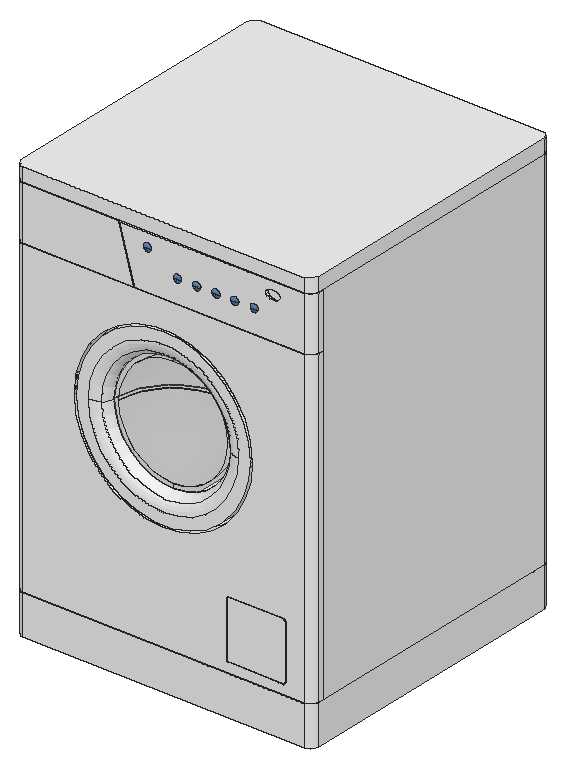
Revit family
Parameters (values of type "W*600*D600*H850")
  Manufacturer = ""
  Model = ""
  세탁 재료 = 흰색, 광택
  유리 재료 = 흰색 유리
  버튼 재료 = 플라스틱 - 심청색
Reference planes
  plane 1 "중심(앞/뒤)": y = 0
  plane 2: z = 0
  plane 3 "중심(왼쪽/오른쪽)": x = 0
  plane 4: x = -300
  plane 5: x = 300
  plane 6: y = 300
  plane 7: y = -300
  plane 8: z = 850
  plane 9: z = 820
  plane 10: z = 710
  plane 11: z = 80
  plane 12: y = 270
  plane 13: y = -295
  plane 14: y = -275
  plane 15: y = -235
  plane 16: z = 822
  plane 17: z = 712
  plane 18: z = 82
  plane 19: x = 270
  plane 20: x = -270.114
Forms (mm)
  Extrusion 1, solid, material "흰색, 광택" <- "세탁 재료"
    sketch origin (0, 0, 0) x (1, 0, 0) y (0, 1, 0)
      loop
        line (-300, 300) -> (-300, -300) -> (300, -300) -> (300, 300) -> (-300, 300)
    from 822 to 850
  Extrusion 2, solid, material "흰색, 광택" <- "세탁 재료"
    sketch origin (0, 0, 1644) x (0, -1, 0) y (1, 0, 0)
      loop
        line (275, -300) -> (300, -300) -> (300, 300) -> (275, 300) -> (275, -300)
    from -932 to -824
  Extrusion 3, solid, material "흰색, 광택" <- "세탁 재료"
    sketch origin (0, 0, 0) x (1, 0, 0) y (0, 0, 1)
      loop
        line (-300, 710) -> (-300, 82) -> (300, 82) -> (300, 710) -> (-300, 710)
      loop
        circle (0, 476.845) r 180
      loop
        arc (132.319, 219.523) -> (128.783, 218.058) -> (127.319, 214.523) r 5
        line (127.319, 214.523) -> (127.319, 104.523)
        arc (127.319, 104.523) -> (128.783, 100.987) -> (132.319, 99.523) r 5
        line (132.319, 99.523) -> (242.319, 99.523)
        arc (242.319, 99.523) -> (245.855, 100.987) -> (247.319, 104.523) r 5
        line (247.319, 104.523) -> (247.319, 214.523)
        arc (247.319, 214.523) -> (245.855, 218.058) -> (242.319, 219.523) r 5
        line (242.319, 219.523) -> (132.319, 219.523)
    from 275 to 300
  Extrusion 4, solid, material "흰색, 광택" <- "세탁 재료"
    sketch origin (0, 0, 0) x (1, 0, 0) y (0, 0, 1)
      loop
        line (-300, 0) -> (300, 0) -> (300, 80) -> (-300, 80) -> (-300, 0)
    from -300 to 300
  Extrusion 5, solid, material "흰색, 광택" <- "세탁 재료"
    sketch origin (0, 0, 0) x (0, 1, 0) y (0, 0, 1)
      loop
        line (-275, 822) -> (-275, 80) -> (300, 80) -> (300, 822) -> (-275, 822)
    from 270 to 300
  Extrusion 6, solid, material "흰색, 광택" <- "세탁 재료"
    sketch origin (0, 0, 0) x (0, 1, 0) y (0, 0, -1)
      loop
        line (-275, -822) -> (300, -822) -> (300, -80) -> (-275, -80) -> (-275, -822)
    from 270 to 300
  Extrusion 7, solid, material "흰색, 광택" <- "세탁 재료"
    sketch origin (0, 0, 0) x (1, 0, 0) y (0, 1, 0)
      loop
        line (-270, 300) -> (-270, 270) -> (270, 270) -> (270, 300) -> (-270, 300)
    from 80 to 822
  Extrusion 8, solid, material "흰색, 광택" <- "세탁 재료"
    sketch origin (0, 0, 0) x (1, 0, 0) y (0, 0, 1)
      loop
        circle (0, 476.845) r 120
      loop
        circle (0, 476.845) r 175.013
    from 275 to 300
  Sweep 9, void
    path origin (120, -300, 476.845) x (0, 0, -1) y (1, 0, 0)
      loop
        circle (0, -120) r 120
    profile origin (0, 0, 0) x (0, 0, 1) y (0, -1, 0)
      loop
        line (628.438, 300) -> (596.845, 300) -> (596.845, 275)
        arc (596.845, 275) -> (600.479, 285.39) -> (607.607, 293.777) r 30.082
        arc (607.607, 293.777) -> (617.606, 298.283) -> (628.438, 300) r 41.317
  Extrusion 10, solid, material "흰색, 광택" <- "세탁 재료"
    sketch origin (0, 0, 0) x (1, 0, 0) y (0, 0, 1)
      loop
        arc (245.319, 214.523) -> (244.44, 216.644) -> (242.319, 217.523) r 3
        line (242.319, 217.523) -> (132.319, 217.523)
        arc (132.319, 217.523) -> (130.198, 216.644) -> (129.319, 214.523) r 3
        line (129.319, 214.523) -> (129.319, 104.523)
        arc (129.319, 104.523) -> (130.198, 102.401) -> (132.319, 101.523) r 3
        line (132.319, 101.523) -> (242.319, 101.523)
        arc (242.319, 101.523) -> (244.44, 102.401) -> (245.319, 104.523) r 3
        line (245.319, 104.523) -> (245.319, 214.523)
    from 295 to 300
  Extrusion 11, void
    sketch origin (0, 0, 0) x (1, 0, 0) y (0, 1, 0)
      loop
        line (300, -300) -> (300, -285)
        arc (300, -285) -> (294.17, -294.17) -> (285, -300) r 24.995
        line (285, -300) -> (300, -300)
      loop
        line (300, 300) -> (285, 300)
        arc (285, 300) -> (294.17, 294.17) -> (300, 285) r 24.995
        line (300, 285) -> (300, 300)
      loop
        line (-300, 300) -> (-300, 285)
        arc (-300, 285) -> (-294.17, 294.17) -> (-285, 300) r 24.995
        line (-285, 300) -> (-300, 300)
      loop
        line (-300, -300) -> (-285, -300)
        arc (-285, -300) -> (-294.17, -294.17) -> (-300, -285) r 24.995
        line (-300, -285) -> (-300, -300)
    from 0 to 850
  Sweep 12, void
    path origin (0, 0, -0.828) x (1, 0, 0) y (0, 0, 1)
      loop
        line (-93.616, 820) -> (-62.648, 712)
    profile origin (-208.676, 0, 727.739) x (0.961262, 0, 0.275637) y (0, -1, 0)
      loop
        line (138.805, 275) -> (140.805, 275) -> (140.805, 300) -> (138.805, 300) -> (138.805, 275)
  Revolve 13, solid, material "흰색 유리" <- "유리 재료"
    sketch origin (120, -275, 476.845) x (0, 0, 1) y (-1, 0, 0)
      loop
        arc (0, 10) -> (-77.782, 42.218) -> (-110, 120) r 110
        line (-110, 120) -> (-120, 120)
        arc (-120, 120) -> (-84.853, 35.147) -> (0, 0) r 120
        arc (0, 0) -> (84.853, 35.147) -> (120, 120) r 120
        line (120, 120) -> (110, 120)
        arc (110, 120) -> (77.782, 42.218) -> (0, 10) r 110
      axis (120, 120) -> (-120, 120)
    angle from 0 to 180
  Extrusion 14, void
    sketch origin (-300, -300, 820) x (0, 0, 1) y (1, 0, 0)
      loop
        arc (-22.549, 506.152) -> (-14.075, 521.602) -> (-22.969, 536.814) r 17.878
        arc (-22.969, 536.814) -> (-24.714, 537.133) -> (-26.415, 536.634) r 3.835
        arc (-26.415, 536.634) -> (-35.007, 521.425) -> (-26.532, 506.152) r 17.878
        arc (-26.532, 506.152) -> (-24.54, 505.619) -> (-22.549, 506.152) r 3.99
    from 0 to 5
  Revolve 15, solid, material "플라스틱 - 심청색" <- "버튼 재료"
    sketch origin (-84.243, 0, 792.921) x (0, -1, 0) y (1, 0, 0)
      loop
        line (300, 58.956) -> (300, 51.299) -> (303.57, 51.299)
        arc (303.57, 51.299) -> (302.59, 55.503) -> (300, 58.956) r 10.491
      axis (303.57, 51.299) -> (300, 51.299)
    angle from 0 to 360
  Revolve 16, solid, material "플라스틱 - 심청색" <- "버튼 재료"
    sketch origin (-23.821, 0, 757.683) x (0, -1, 0) y (1, 0, 0)
      loop
        line (300, 58.956) -> (300, 51.299) -> (303.57, 51.299)
        arc (303.57, 51.299) -> (302.59, 55.503) -> (300, 58.956) r 10.491
      axis (303.57, 51.299) -> (300, 51.299)
    angle from 0 to 360
  Revolve 17, solid, material "플라스틱 - 심청색" <- "버튼 재료"
    sketch origin (14.989, 0, 757.683) x (0, -1, 0) y (1, 0, 0)
      loop
        line (300, 58.956) -> (300, 51.299) -> (303.57, 51.299)
        arc (303.57, 51.299) -> (302.59, 55.503) -> (300, 58.956) r 10.491
      axis (303.57, 51.299) -> (300, 51.299)
    angle from 0 to 360
  Revolve 18, solid, material "플라스틱 - 심청색" <- "버튼 재료"
    sketch origin (53.799, 0, 758.121) x (0, -1, 0) y (1, 0, 0)
      loop
        line (300, 58.956) -> (300, 51.299) -> (303.57, 51.299)
        arc (303.57, 51.299) -> (302.59, 55.503) -> (300, 58.956) r 10.491
      axis (303.57, 51.299) -> (300, 51.299)
    angle from 0 to 360
  Revolve 19, solid, material "플라스틱 - 심청색" <- "버튼 재료"
    sketch origin (91.676, 0, 757.912) x (0, -1, 0) y (1, 0, 0)
      loop
        line (300, 58.956) -> (300, 51.299) -> (303.57, 51.299)
        arc (303.57, 51.299) -> (302.59, 55.503) -> (300, 58.956) r 10.491
      axis (303.57, 51.299) -> (300, 51.299)
    angle from 0 to 360
  Revolve 20, solid, material "플라스틱 - 심청색" <- "버튼 재료"
    sketch origin (131.053, 0, 758.787) x (0, -1, 0) y (1, 0, 0)
      loop
        line (300, 58.956) -> (300, 51.299) -> (303.57, 51.299)
        arc (303.57, 51.299) -> (302.59, 55.503) -> (300, 58.956) r 10.491
      axis (303.57, 51.299) -> (300, 51.299)
    angle from 0 to 360
Cuts and joins
  Sweep 9, Extrusion 11, Sweep 12, Extrusion 14 cuts Extrusion 1
  Sweep 9, Extrusion 11, Sweep 12, Extrusion 14 cuts Extrusion 2
  Sweep 9, Extrusion 11, Sweep 12, Extrusion 14 cuts Extrusion 3
  Sweep 9, Extrusion 11, Sweep 12, Extrusion 14 cuts Extrusion 4
  Sweep 9, Extrusion 11, Sweep 12, Extrusion 14 cuts Extrusion 5
  Sweep 9, Extrusion 11, Sweep 12, Extrusion 14 cuts Extrusion 6
  Sweep 9, Extrusion 11, Sweep 12, Extrusion 14 cuts Extrusion 7
  Sweep 9, Extrusion 11, Sweep 12, Extrusion 14 cuts Extrusion 8
  Extrusion 11, Sweep 12, Extrusion 14 cuts Extrusion 10
  Extrusion 14 cuts Revolve 13
